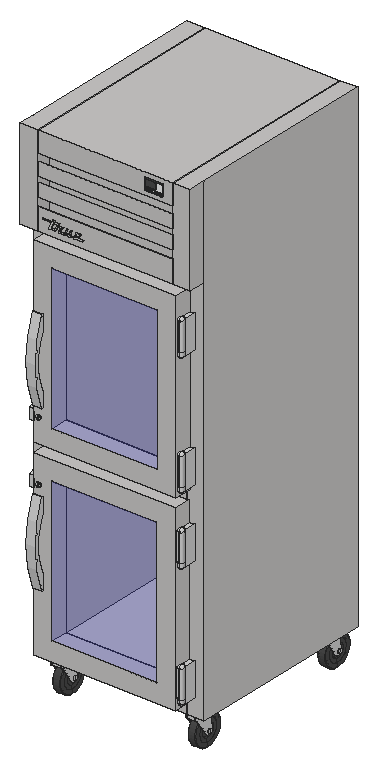
Revit family "QF_TRUE_STG1R-2HG-HC", category Specialty Equipment, Revit 2012 (continued)
Automatic sketch dimensions
  plane 1 "BACK" to Extrusion 27 sketch curve = 1.1077"
  Extrusion 27 sketch curve to Extrusion 27 sketch curve = 0.32905"
  Extrusion 27 sketch curve to Extrusion 27 sketch curve = 0.60485"  (x2)
  Extrusion 28 sketch curve to plane 7 = 0.63926"  (x2)
  Extrusion 28 sketch curve to plane 5 "FRONT" = 3.79864"
  Extrusion 28 sketch curve to Extrusion 28 sketch curve = 1/4"  (x2)
  level to Extrusion 28 sketch curve = 2.18736"  (x2)
  Extrusion 28 sketch curve to Extrusion 28 sketch curve = 1.7492"
  Extrusion 28 sketch curve to Extrusion 28 sketch curve = 0.50669"  (x2)
  Extrusion 28 sketch curve to Extrusion 28 sketch curve = 2 1/2"
  level to Extrusion 28 sketch curve = 2.59003"
  Extrusion 28 sketch curve to Extrusion 28 sketch curve = 0.59966"  (x2)
  plane 1 "BACK" to Extrusion 28 sketch curve = 3.8577"
  plane 1 "BACK" to Extrusion 28 sketch curve = 1.8585"
  plane 1 "BACK" to Extrusion 28 sketch curve = 1.1077"
  Extrusion 28 sketch curve to Extrusion 28 sketch curve = 0.32905"
  Extrusion 28 sketch curve to Extrusion 28 sketch curve = 0.60485"  (x2)
  Revolve 29 sketch curve to plane 7 = 0.62954"
  Revolve 29 sketch curve to plane 4 "RIGHT" = 4.14082"
  Revolve 29 sketch curve to Revolve 29 sketch curve = 1.29707"
  Revolve 29 sketch curve to Revolve 29 sketch curve = 0"
  Revolve 29 sketch curve to Revolve 29 sketch curve = 0.10278"
  Revolve 29 sketch curve to plane 7 = 0.00141"
  plane 7 to Revolve 29 sketch curve = 0.26768"
  Revolve 30 sketch curve to level = 0"
  Revolve 30 sketch curve to plane 7 = 0"
  Revolve 30 sketch curve to plane 4 "RIGHT" = 4.17713"
  level to Revolve 30 sketch curve = 1"
  Revolve 30 sketch curve to plane 4 "RIGHT" = 3 19/32"
  Revolve 30 sketch curve to Revolve 30 sketch curve = 1/4"
  Revolve 30 sketch curve to Revolve 30 sketch curve = 1/2"
  Revolve 30 sketch curve to Revolve 30 sketch curve = 0"
  Revolve 30 sketch curve to Revolve 30 sketch curve = 5/8"
  plane 7 to Revolve 30 sketch curve = 1 25/32"
  Revolve 31 sketch curve to level = 0"
  Revolve 31 sketch curve to plane 7 = 0"
  Revolve 31 sketch curve to plane 4 "RIGHT" = 4.17713"
  level to Revolve 31 sketch curve = 1"
  Revolve 31 sketch curve to plane 4 "RIGHT" = 3 19/32"
  Revolve 31 sketch curve to Revolve 31 sketch curve = 1/4"
  Revolve 31 sketch curve to Revolve 31 sketch curve = 1/2"
  Revolve 31 sketch curve to Revolve 31 sketch curve = 0"
  Revolve 31 sketch curve to Revolve 31 sketch curve = 5/8"
  plane 7 to Revolve 31 sketch curve = 1 25/32"
  Revolve 32 sketch curve to plane 7 = 0.62954"
  Revolve 32 sketch curve to plane 4 "RIGHT" = 4.14082"
  Revolve 32 sketch curve to Revolve 32 sketch curve = 1.29707"
  Revolve 32 sketch curve to Revolve 32 sketch curve = 0"
  Revolve 32 sketch curve to Revolve 32 sketch curve = 0.10278"
  Revolve 32 sketch curve to plane 7 = 0.00141"
  plane 7 to Revolve 32 sketch curve = 0.26768"
  Extrusion 33 sketch curve to plane 7 = 0.63926"  (x2)
  Extrusion 33 sketch curve to plane 5 "FRONT" = 3.79864"
  Extrusion 33 sketch curve to Extrusion 33 sketch curve = 1/4"  (x2)
  Extrusion 33 sketch curve to Extrusion 33 sketch curve = 2 1/2"
  Extrusion 33 sketch curve to plane 7 = 0.93273"  (x2)
  Extrusion 33 sketch curve to Extrusion 33 sketch curve = 0.03603"
  plane 1 "BACK" to Extrusion 33 sketch curve = 3.8577"
  Extrusion 33 sketch curve to plane 7 = 1.24411"
  plane 1 "BACK" to Extrusion 33 sketch curve = 1.1077"
  Revolve 34 sketch curve to plane 4 "RIGHT" = 4.35148"
  Revolve 34 sketch curve to Revolve 34 sketch curve = 0.48273"
  Revolve 34 sketch curve to Revolve 34 sketch curve = 0.4"
  Revolve 34 sketch curve to Revolve 34 sketch curve = 0"  (x2)
  Revolve 34 sketch curve to Revolve 34 sketch curve = 0.1"  (x2)
  Revolve 34 sketch curve to Revolve 34 sketch curve = 0.16101"
  Revolve 34 sketch curve to Revolve 34 sketch curve = 0.75408"
  Revolve 34 sketch curve to Revolve 34 sketch curve = 0.92798"
  Revolve 34 sketch curve to Revolve 34 sketch curve = 0.06101"
  Revolve 34 sketch curve to Revolve 34 sketch curve = 1/2"
  Revolve 34 sketch curve to Revolve 34 sketch curve = 0.16509"
  Revolve 34 sketch curve to Revolve 34 sketch curve = 0.39592"
  level to Revolve 34 sketch curve = 2 1/2"
  Revolve 34 sketch curve to Revolve 34 sketch curve = 0.29941"  (x2)
  Revolve 34 sketch curve to Revolve 34 sketch curve = 3/4"  (x4)
  Revolve 34 sketch curve to Revolve 34 sketch curve = 0.59652"
  Revolve 34 sketch curve to Revolve 34 sketch curve = 0.60059"
  plane 3 "LEFT" to Revolve 35 sketch curve = 1.33602"
  Revolve 35 sketch curve to Revolve 35 sketch curve = 0.48273"
  Revolve 35 sketch curve to plane 8 = 5/8"  (x2)
  Revolve 35 sketch curve to Revolve 35 sketch curve = 0.1"  (x2)
  Revolve 35 sketch curve to Revolve 35 sketch curve = 0.16101"
  plane 8 to Revolve 35 sketch curve = 0.12908"
  plane 8 to Revolve 35 sketch curve = 0.46399"
  plane 8 to Revolve 35 sketch curve = 0.525"
  Revolve 35 sketch curve to Revolve 35 sketch curve = 1/2"
  Revolve 35 sketch curve to Revolve 35 sketch curve = 0.16509"
  Revolve 35 sketch curve to Revolve 35 sketch curve = 0.39592"
  level to Revolve 35 sketch curve = 2 1/2"
  Revolve 35 sketch curve to Revolve 35 sketch curve = 0"
  Revolve 35 sketch curve to Revolve 35 sketch curve = 0.29941"  (x2)
  Revolve 35 sketch curve to Revolve 35 sketch curve = 3/4"  (x4)
  Revolve 35 sketch curve to Revolve 35 sketch curve = 0.59652"
  Revolve 35 sketch curve to Revolve 35 sketch curve = 0.60059"
  Extrusion 36 sketch curve to plane 7 = 0.63926"  (x2)
  Extrusion 36 sketch curve to plane 5 "FRONT" = 3.79864"
  Extrusion 36 sketch curve to Extrusion 36 sketch curve = 1/4"  (x2)
  level to Extrusion 36 sketch curve = 2.18736"  (x2)
  Extrusion 36 sketch curve to Extrusion 36 sketch curve = 1.7492"
  Extrusion 36 sketch curve to Extrusion 36 sketch curve = 0.50669"  (x2)
  Extrusion 36 sketch curve to Extrusion 36 sketch curve = 2 1/2"
  level to Extrusion 36 sketch curve = 2.59003"
  Extrusion 36 sketch curve to Extrusion 36 sketch curve = 0.59966"  (x2)
  plane 1 "BACK" to Extrusion 36 sketch curve = 3.8577"
  plane 1 "BACK" to Extrusion 36 sketch curve = 1.8585"
  plane 1 "BACK" to Extrusion 36 sketch curve = 1.1077"
  Extrusion 36 sketch curve to Extrusion 36 sketch curve = 0.32905"
  Extrusion 36 sketch curve to Extrusion 36 sketch curve = 0.60485"  (x2)
  Extrusion 37 sketch curve to plane 7 = 0.63926"  (x2)
  Extrusion 37 sketch curve to plane 5 "FRONT" = 3.79864"
  Extrusion 37 sketch curve to Extrusion 37 sketch curve = 1/4"  (x2)
  level to Extrusion 37 sketch curve = 2.18736"  (x2)
  Extrusion 37 sketch curve to Extrusion 37 sketch curve = 1.7492"
  Extrusion 37 sketch curve to Extrusion 37 sketch curve = 0.50669"  (x2)
  Extrusion 37 sketch curve to Extrusion 37 sketch curve = 2 1/2"
  level to Extrusion 37 sketch curve = 2.59003"
  Extrusion 37 sketch curve to Extrusion 37 sketch curve = 0.59966"  (x2)
  plane 1 "BACK" to Extrusion 37 sketch curve = 3.8577"
  plane 1 "BACK" to Extrusion 37 sketch curve = 1.8585"
  plane 1 "BACK" to Extrusion 37 sketch curve = 1.1077"
  Extrusion 37 sketch curve to Extrusion 37 sketch curve = 0.32905"
  Extrusion 37 sketch curve to Extrusion 37 sketch curve = 0.60485"  (x2)
  Revolve 38 sketch curve to plane 8 = 0"  (x2)
  Revolve 38 sketch curve to plane 7 = 0.62954"
  Revolve 38 sketch curve to plane 8 = 1.29707"
  Revolve 38 sketch curve to Revolve 38 sketch curve = 0.10278"
  Revolve 38 sketch curve to plane 7 = 0.00141"
  plane 7 to Revolve 38 sketch curve = 0.26768"
  Revolve 39 sketch curve to level = 0"
  Revolve 39 sketch curve to plane 8 = 0"  (x2)
  Revolve 39 sketch curve to plane 8 = 1/2"
  Revolve 39 sketch curve to Revolve 39 sketch curve = 1/4"
  Revolve 39 sketch curve to plane 7 = 0"
  Revolve 39 sketch curve to plane 8 = 1.33338"
  level to Revolve 39 sketch curve = 1"
  Revolve 39 sketch curve to Revolve 39 sketch curve = 5/8"
  plane 7 to Revolve 39 sketch curve = 1 25/32"
  Revolve 40 sketch curve to level = 0"
  Revolve 40 sketch curve to plane 8 = 0"  (x2)
  Revolve 40 sketch curve to plane 8 = 1/2"
  Revolve 40 sketch curve to Revolve 40 sketch curve = 1/4"
  Revolve 40 sketch curve to plane 7 = 0"
  Revolve 40 sketch curve to plane 8 = 1.33338"
  level to Revolve 40 sketch curve = 1"
  Revolve 40 sketch curve to Revolve 40 sketch curve = 5/8"
  plane 7 to Revolve 40 sketch curve = 1 25/32"
  Revolve 41 sketch curve to plane 8 = 0"  (x2)
  Revolve 41 sketch curve to plane 7 = 0.62954"
  Revolve 41 sketch curve to plane 8 = 1.29707"
  Revolve 41 sketch curve to Revolve 41 sketch curve = 0.10278"
  Revolve 41 sketch curve to plane 7 = 0.00141"
  plane 7 to Revolve 41 sketch curve = 0.26768"
  Extrusion 42 sketch curve to plane 7 = 0.63926"  (x2)
  Extrusion 42 sketch curve to plane 5 "FRONT" = 3.79864"
  Extrusion 42 sketch curve to Extrusion 42 sketch curve = 1/4"  (x2)
  Extrusion 42 sketch curve to Extrusion 42 sketch curve = 2 1/2"
  Extrusion 42 sketch curve to plane 7 = 0.93273"  (x2)
  Extrusion 42 sketch curve to Extrusion 42 sketch curve = 0.03603"
  plane 1 "BACK" to Extrusion 42 sketch curve = 3.8577"
  Extrusion 42 sketch curve to plane 7 = 1.24411"
  plane 1 "BACK" to Extrusion 42 sketch curve = 1.1077"
  plane 3 "LEFT" to Revolve 43 sketch curve = 1.33602"
  Revolve 43 sketch curve to Revolve 43 sketch curve = 0.48273"
  Revolve 43 sketch curve to plane 8 = 5/8"  (x2)
  Revolve 43 sketch curve to Revolve 43 sketch curve = 0.1"  (x2)
  Revolve 43 sketch curve to Revolve 43 sketch curve = 0.16101"
  plane 8 to Revolve 43 sketch curve = 0.12908"
  plane 8 to Revolve 43 sketch curve = 0.46399"
  plane 8 to Revolve 43 sketch curve = 0.525"
  Revolve 43 sketch curve to Revolve 43 sketch curve = 1/2"
  Revolve 43 sketch curve to Revolve 43 sketch curve = 0.16509"
  Revolve 43 sketch curve to Revolve 43 sketch curve = 0.39592"
  level to Revolve 43 sketch curve = 2 1/2"
  Revolve 43 sketch curve to Revolve 43 sketch curve = 0"
  Revolve 43 sketch curve to Revolve 43 sketch curve = 0.29941"  (x2)
  Revolve 43 sketch curve to Revolve 43 sketch curve = 3/4"  (x4)
  Revolve 43 sketch curve to Revolve 43 sketch curve = 0.59652"
  Revolve 43 sketch curve to Revolve 43 sketch curve = 0.60059"
  plane 8 to Extrusion 45 sketch curve = 2 11/32"  (x2)
  Extrusion 45 sketch curve to plane 4 "RIGHT" = 5 3/8"
  Extrusion 45 sketch curve to plane 4 "RIGHT" = 5 9/32"
  plane 7 to Extrusion 45 sketch curve = 4 29/32"
  Extrusion 45 sketch curve to Extrusion 45 sketch curve = 23 7/32"
  Extrusion 45 sketch curve to Extrusion 45 sketch curve = 7 1/2"
  Extrusion 45 sketch curve to plane 6 "TOP" = 19 5/32"
  Extrusion 46 sketch curve to plane 8 = 0"
  Extrusion 46 sketch curve to plane 5 "FRONT" = 5.09023"
  Extrusion 47 sketch curve to plane 8 = 0"
  plane 1 "BACK" to Extrusion 47 sketch curve = 2.69102"
  Extrusion 48 sketch curve to plane 4 "RIGHT" = 2 27/32"
  plane 1 "BACK" to Extrusion 48 sketch curve = 2.69102"
  Extrusion 49 sketch curve to plane 4 "RIGHT" = 2 27/32"
  Extrusion 49 sketch curve to plane 5 "FRONT" = 5.09023"
  plane 5 "FRONT" to Extrusion 50 sketch curve = 0"
  Extrusion 50 sketch curve to plane 8 = 21/32"
  Extrusion 50 sketch curve to plane 4 "RIGHT" = 2 11/32"
  plane 8 to Extrusion 52 sketch curve = 0.1984"
  plane 8 to Extrusion 52 sketch curve = 7/32"
  Extrusion 52 sketch curve to Extrusion 52 sketch curve = 0.0555"
  plane 7 to Extrusion 52 sketch curve = 26.53865"
  Extrusion 52 sketch curve to Extrusion 52 sketch curve = 0.27385"
  Extrusion 52 sketch curve to Extrusion 52 sketch curve = 0.29355"
  Blend 53 sketch curve to plane 8 = 21/32"  (x2)
  Blend 53 sketch curve to Blend 53 sketch curve = 3/4"
  plane 7 to Blend 53 sketch curve = 27.75831"
  Blend 53 sketch curve to Blend 53 sketch curve = 1 3/4"
  Blend 53 sketch curve to Blend 53 sketch curve = 0.93223"
  plane 7 to Blend 53 sketch curve = 28.3559"
  Blend 53 sketch curve to Blend 53 sketch curve = 2.78233"
  Extrusion 3 sketch curve to plane 9 = 0"  (x4)
  plane 9 to Extrusion 3 sketch curve = 2.7042"  (x2)
  Extrusion 3 sketch curve to plane 6 "TOP" = 0"
  plane 9 to Extrusion 3 sketch curve = 2.2042"
  Extrusion 3 sketch curve to Extrusion 3 sketch curve = 0"  (x3)
  Extrusion 3 sketch curve to Extrusion 3 sketch curve = 1/2"
  Extrusion 3 sketch curve to Extrusion 3 sketch curve = 1"  (x2)
  plane 1 "BACK" to Extrusion 3 sketch curve = 2"
  plane 1 "BACK" to Extrusion 3 sketch curve = 0"
  Extrusion 3 sketch curve to plane 6 "TOP" = 3.34422"
  Extrusion 3 sketch curve to Extrusion 3 sketch curve = 1.12227"  (x2)
  Extrusion 3 sketch curve to Extrusion 3 sketch curve = 0.445"
  Extrusion 3 sketch curve to Extrusion 3 sketch curve = 2.13371"  (x2)
  Extrusion 3 sketch curve to Extrusion 3 sketch curve = 0.96076"  (x2)
  Extrusion 3 sketch curve to Extrusion 3 sketch curve = 2.0962"  (x2)
  Extrusion 3 sketch curve to Extrusion 3 sketch curve = 1.27557"  (x2)
  Extrusion 3 sketch curve to Extrusion 3 sketch curve = 2 1/8"
  Extrusion 3 sketch curve to Extrusion 3 sketch curve = 2 1/2"  (x2)
  Extrusion 3 sketch curve to Extrusion 3 sketch curve = 27 15/16"
  plane 7 to Extrusion 3 sketch curve = 2 29/32"
  Extrusion 3 sketch curve to plane 7 = 0"
  plane 1 "BACK" to curve 1 = 0"
  curve 1 to plane 3 "LEFT" = 0"
  plane 5 "FRONT" to curve 25 = 0"
  curve 1 to plane 4 "RIGHT" = 0"
  plane 3 "LEFT" to curve 12 = 1.20097"
  plane 3 "LEFT" to curve 8 = 1.20097"
  curve 25 to plane 8 = 21/32"
  curve 23 to curve 25 = 0"
  curve 12 to plane 8 = 11/32"
  curve 9 to plane 8 = 11/32"
  plane 8 to curve 27 = 27/32"
  plane 1 "BACK" to curve 11 = 0.4208"
  plane 8 to curve 11 = 0.98222"
  plane 8 to curve 7 = 0.98222"
  plane 8 to curve 22 = 2.42098"
  curve 15 to plane 4 "RIGHT" = 5.39157"
  curve 19 to plane 4 "RIGHT" = 5.29782"
  curve 15 to curve 16 = 1.29904"
  curve 19 to curve 20 = 1.29904"
  plane 1 "BACK" to curve 14 = 0.4208"
  curve 14 to plane 4 "RIGHT" = 2.76657"
  curve 18 to plane 4 "RIGHT" = 2.67282"
  curve 22 to plane 4 "RIGHT" = 2 11/32"
  curve 23 to curve 22 = 0"
  curve 24 to curve 24 = 1 15/32"
  curve 26 to curve 25 = 0.2"
  curve 5 to plane 5 "FRONT" = 2 1/4"
  curve 21 to plane 5 "FRONT" = 3.92849"
  curve 5 to curve 9 = 1.78257"
  curve 20 to curve 20 = 3/4"
  curve 8 to curve 7 = 3/4"
  curve 13 to curve 10 = 5.29663"
  curve 16 to curve 14 = 5.29663"
  plane 5 "FRONT" to Extrusion 7 sketch curve = 0.2"  (x2)
  plane 5 "FRONT" to Extrusion 7 sketch curve = 0"  (x2)
  Extrusion 7 sketch curve to plane 5 "FRONT" = 8.86559"
  Extrusion 7 sketch curve to Extrusion 7 sketch curve = 8.52092"
  plane 7 to Extrusion 7 sketch curve = 38.07708"
  Extrusion 7 sketch curve to Extrusion 7 sketch curve = 2.4"
  Extrusion 7 sketch curve to Extrusion 7 sketch curve = 4.4"
  Extrusion 7 sketch curve to Extrusion 7 sketch curve = 0"
  plane 10 to Extrusion 51 sketch curve = 1.26875"
  Extrusion 51 sketch curve to Extrusion 51 sketch curve = 0.2"  (x2)
  Extrusion 51 sketch curve to plane 5 "FRONT" = 8.86559"
  plane 7 to Extrusion 51 sketch curve = 11.69792"
  Extrusion 51 sketch curve to Extrusion 51 sketch curve = 2.4"
  Extrusion 51 sketch curve to Extrusion 51 sketch curve = 0"
  plane 5 "FRONT" to Extrusion 51 sketch curve = 0.2"
  Extrusion 51 sketch curve to Extrusion 51 sketch curve = 8.52092"
  Extrusion 51 sketch curve to Extrusion 51 sketch curve = 4.4"
  plane 5 "FRONT" to Extrusion 44 sketch curve = 0"
  Extrusion 44 sketch curve to plane 11 = 0"
  Extrusion 44 sketch curve to plane 8 = 21/32"
  Extrusion 44 sketch curve to plane 4 "RIGHT" = 2 11/32"
  Extrusion 44 sketch curve to plane 5 "FRONT" = 0.01402"
  radius of Extrusion 8 sketch curve = 0.35"
  radius of Extrusion 12 sketch curve = 1/4"
  radius of Extrusion 46 sketch curve = 1 1/2"
  radius of Extrusion 47 sketch curve = 1 1/2"
  radius of Extrusion 48 sketch curve = 1 1/2"
  radius of Extrusion 49 sketch curve = 1 1/2"
  radius of Extrusion 52 sketch curve = 0.35"
Connectors (in)
  electrical at (24.25, -0.0625, 82), driven by "Volts", driven by "Watts"
    settings: on Extrusion 12, index 1, voltage 115 V, apparent load 437 VA, apparent load phase1 0 VA, apparent load phase2 0 VA, apparent load phase3 0 VA, power factor 1, load classification "Other", number of poles 1, system type 30, power factor state 1, is connector primary yes, connector utility no, sub classification motor no, connector description "ELECTRICAL CONNECTION"
